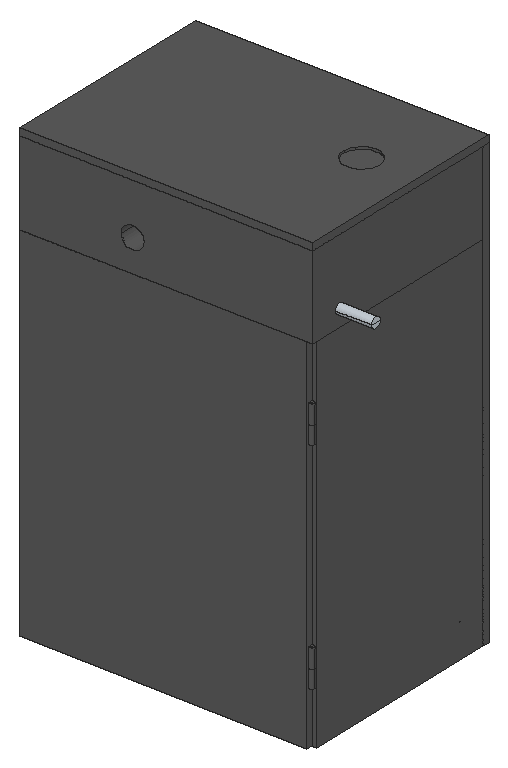
Revit family "Шкаф-корпус для ТГШн_КомплектацияLight_FedericaBugatti_R20", category Оборудование, Revit 2020
Family settings
  Размер круглого соединителя = Использовать диаметр
  Классификация = Нет
  Тип детали = Нормальный
  На основе рабочей плоскости = Нет
  Всегда вертикально = Да
  При загрузке вырезать с полостями = Нет
  Общий = Нет
  Точка расчета площади = Да
Parameters (values of type "BLOCK_24")
  Отметка по умолчанию = 0 mm
  Материал_Патрубки = ADSK_Металл_Сталь оцинкованная
  Материал_ВнешняяСтенка = ADSK_Металл_Окрашенный_Черный темный
  Дымоход_Диаметр_60 [instance] = yes
  Дымоход_Диаметр [instance] = ADSK_Размер_Диаметр + 3 mm  # 63 mm
  ADSK_Расход жидкости = 0.18 L/s
  ADSK_Размер_Ширина = 806 mm  # constant formula
  ADSK_Размер_Диаметр [instance] = if(Дымоход_Диаметр_60, 60 mm, 100 mm)  # 60 mm
  ADSK_Размер_Глубина = 606 mm  # constant formula
  ADSK_Размер_Высота = 1252 mm  # constant formula
  ADSK_Примечание [instance] = ""
  ADSK_Полная мощность = ADSK_Номинальная мощность / ADSK_Коэффициент мощности  # 24300 VA
  ADSK_Позиция [instance] = ""
  ADSK_Обозначение = ""
  ADSK_Номинальная мощность = 24300 W
  ADSK_Напряжение = 230 V  # constant formula
  ADSK_Наименование = "Котел наружного размещения Federica Bugatti BLOCK 24 комплектация Light"
  ADSK_Масса_Текст = "129"  # constant formula
  ADSK_Масса = 129  # constant formula
  ADSK_Марка = "BLOCK 24 комплектация Light"
  ADSK_Коэффициент мощности = 1  # constant formula
  ADSK_Количество фаз = 1
  ADSK_Количество = 1  # constant formula
  ADSK_Код изделия = ""
  ADSK_Классификация нагрузок = Прочее
  ADSK_КПД = 92  # constant formula
  ADSK_Завод-изготовитель = "Federica Bugatti"  # constant formula
  ADSK_Единица измерения = "шт"  # constant formula
Types (3, lengths in mm): name | ADSK_Расход жидкости | ADSK_Полная мощность | ADSK_Номинальная мощность | ADSK_Наименование | ADSK_Марка
  (no name) | 0.18 L/s | 24300 VA | 24300 W | "Котел наружного размещения Federica Bugatti BLOCK 24 комплектация Light" | "BLOCK 24 комплектация Light"
  BLOCK_24 | 0.18 L/s | 24300 VA | 24300 W | "Котел наружного размещения Federica Bugatti BLOCK 24 комплектация Light" | "BLOCK 24 комплектация Light"
  BLOCK_32 | 0.24 L/s | 33300 VA | 33300 W | "Котел наружного размещения Federica Bugatti BLOCK 32 комплектация Light" | "BLOCK 32 комплектация Light"
Reference planes
  plane 1 "По центру (Вперед/Назад)": y = 0
  plane 2: z = 0
  plane 3 "По центру (Влево/Вправо)": x = 0
  plane 4: y = 303
  plane 5: x = -403
  plane 6: y = -303
  plane 7: x = 403
  plane 8: z = 1252
  plane 9: y = -288
  plane 10: z = 1002
  plane 11: z = 1232
  plane 12: y = 283
  plane 13: x = 388
  plane 14: x = 395.5
  plane 15: y = -295.5
  plane 16: z = 150
  plane 17: z = 250
  plane 18: z = 852
  plane 19: z = 752
  plane 20: z = 200
  plane 21: z = 802
  plane 22: z = 1091
  plane 23: x = -92
  plane 24: z = 1052
  plane 25: y = -213
  plane 26: x = 505
  plane 27: x = -398
  plane 28: x = 253
  plane 29: y = 53
  plane 30: z = 1247
  plane 31: z = 127
  plane 32: z = 67
  plane 33: x = -271
  plane 34: x = 139
  plane 35: z = 97
  plane 36: x = -189
  plane 37: x = -107
  plane 38: x = 57
  plane 39: x = -25
  plane 40: y = 203
Forms (mm)
  Extrusion 1, solid, material "ADSK_Металл_Окрашенный_Черный темный" <- "Материал_ВнешняяСтенка"
    sketch origin (0, 0, 0) x (1, 0, 0) y (0, 1, 0)
      loop
        line (-403, 283) -> (-403, -288) -> (403, -288) -> (403, 283) -> (-403, 283)
    from 0 to 1002
  Extrusion 2, solid, material "ADSK_Металл_Окрашенный_Черный темный" <- "Материал_ВнешняяСтенка"
    sketch origin (0, 0, 0) x (1, 0, 0) y (0, 1, 0)
      loop
        line (-403, 303) -> (-403, 283) -> (403, 283) -> (403, 303) -> (-403, 303)
    from 0 to 1232
  Extrusion 3, solid, material "ADSK_Металл_Окрашенный_Черный темный" <- "Материал_ВнешняяСтенка"
    sketch origin (0, 0, 0) x (1, 0, 0) y (0, 1, 0)
      loop
        line (-403, 283) -> (-403, -303) -> (403, -303) -> (403, 283) -> (-403, 283)
    from 1002 to 1232
  Extrusion 4, solid, material "ADSK_Металл_Окрашенный_Черный темный" <- "Материал_ВнешняяСтенка"
    sketch origin (0, 0, 0) x (1, 0, 0) y (0, 1, 0)
      loop
        line (-403, 303) -> (-403, -303) -> (403, -303) -> (403, 303) -> (-403, 303)
    from 1232 to 1252
  Extrusion 5, solid, material "ADSK_Металл_Окрашенный_Черный темный" <- "Материал_ВнешняяСтенка"
    sketch origin (0, 0, 0) x (1, 0, 0) y (0, 1, 0)
      loop
        line (-403, -288) -> (-403, -303) -> (388, -303) -> (388, -288) -> (-403, -288)
    from 0 to 1002
  Revolve 6, solid, material "ADSK_Металл_Окрашенный_Черный темный" <- "Материал_ВнешняяСтенка"
    sketch origin (-2000, -295.5, 1200) x (-1, 0, 0) y (0, 0, 1)
      loop
        line (-2395.5, -950) -> (-2403, -950) -> (-2403, -1000) -> (-2395.5, -1000) -> (-2395.5, -950)
      loop
        line (-2395.5, -348) -> (-2403, -348) -> (-2403, -398) -> (-2395.5, -398) -> (-2395.5, -348)
      axis (-2395.5, -348) -> (-2395.5, -1000)
    angle from 0 to 360
  Revolve 7, solid, material "ADSK_Металл_Окрашенный_Черный темный" <- "Материал_ВнешняяСтенка"
    sketch origin (-2000, -295.5, 1200) x (-1, 0, 0) y (0, 0, 1)
      loop
        line (-2395.5, -398) -> (-2403, -398) -> (-2403, -448) -> (-2395.5, -448) -> (-2395.5, -398)
      loop
        line (-2395.5, -1000) -> (-2403, -1000) -> (-2403, -1050) -> (-2395.5, -1050) -> (-2395.5, -1000)
      axis (-2395.5, -398) -> (-2395.5, -1050)
    angle from 0 to 360
  Extrusion 8, void
    sketch origin (0, 0, 0) x (1, 0, 0) y (0, 0, 1)
      loop
        circle (-92, 1091) r 31.5
    from 213 to 303
  Revolve 9, solid, material "ADSK_Металл_Сталь оцинкованная" <- "Материал_Патрубки"
    sketch origin (-1561.939, -1524, 1052) x (-1, 0, 0) y (0, -1, 0)
      loop
        line (-2066.939, -1311) -> (-2066.939, -1324.4) -> (-1964.939, -1324.4) -> (-1964.939, -1311) -> (-2066.939, -1311)
      axis (-1964.939, -1311) -> (-2066.939, -1311)
    angle from 0 to 360
  Extrusion 10, void
    sketch origin (0, 0, 0) x (0, 1, 0) y (0, 0, 1)
      loop
        circle (0, 1091) r 50
    from -403 to -398
  Extrusion 11, void
    sketch origin (0, 0, 0) x (1, 0, 0) y (0, 1, 0)
      loop
        circle (253, 53) r 50
    from 1247 to 1252
  Extrusion 12, void
    sketch origin (0, 0, 0) x (1, 0, 0) y (0, 0, 1)
      loop
        line (-271, 127) -> (-271, 67) -> (139, 67) -> (139, 127) -> (-271, 127)
    from -303 to 288
  Extrusion 13, solid, material "ADSK_Металл_Сталь оцинкованная" <- "Материал_Патрубки"
    sketch origin (0, 0, 0) x (1, 0, 0) y (0, 0, 1)
      loop
        circle (-189, 97) r 21.15
      loop
        circle (-107, 97) r 21.15
      loop
        circle (-25, 97) r 21.15
      loop
        circle (57, 97) r 21.15
    from -303 to -283
  Extrusion 14, solid, material "ADSK_Металл_Окрашенный_Черный темный" <- "Материал_ВнешняяСтенка"
    sketch origin (0, 0, 0) x (0, 1, 0) y (0, 0, 1)
      loop
        circle (203, 97) r 1.5
    from 395.5 to 403
Cuts and joins
  Extrusion 12 cuts Extrusion 2
  Extrusion 10 cuts Extrusion 1
  Extrusion 11 cuts Extrusion 4
  Extrusion 8, Extrusion 10 cuts Extrusion 3
Dimensions and locks
  equal spacing: plane 5, plane 3 "По центру (Влево/Вправо)", plane 7
  "ADSK_Размер_Ширина": plane 5 to plane 7
  equal spacing: plane 4, plane 1 "По центру (Вперед/Назад)", plane 6
  "ADSK_Размер_Глубина": plane 6 to plane 4
  "ADSK_Размер_Высота": plane 8 to plane 2
  locked: plane 6 to plane 9 at 15
  locked: plane 8 to plane 10 at 250
  locked: plane 8 to plane 11 at 20
  locked: plane 4 to plane 12 at 20
  locked: plane 13 to plane 7 at 15
  equal spacing: plane 13, plane 14, plane 7
  equal spacing: plane 6, plane 15, plane 9
  locked: plane 16 to plane 2 at 150
  locked: plane 17 to plane 16 at 100
  locked: plane 18 to plane 19 at 100
  locked: plane 10 to plane 18 at 150
  equal spacing: plane 18, plane 21, plane 19
  equal spacing: plane 17, plane 20, plane 16
  locked: plane 22 to plane 2 at 1091
  locked: plane 23 to plane 5 at 311
  locked: plane 8 to plane 24 at 200
  locked: plane 6 to plane 25 at 90
  locked: plane 5 to plane 26 at 908
  locked: Revolve 9 sketch curve to plane 25 at 13.4
  locked: plane 5 to plane 27 at 5
  plane 28 to plane 7 = 150 mm
  locked: plane 4 to plane 29 at 250
  locked: plane 8 to plane 30 at 5
  locked: plane 32 to plane 2 at 67
  locked: plane 31 to plane 32 at 60
  locked: plane 33 to plane 5 at 132
  locked: plane 34 to plane 33 at 410
  equal spacing: plane 31, plane 35, plane 32
  equal spacing: plane 34, plane 38, plane 39, plane 37, plane 36, plane 33
  plane 40 to plane 4 = 100 mm
  "Дымоход_Диаметр": diameter of Extrusion 8 sketch curve
  diameter of Extrusion 10 sketch curve = 100 mm
  diameter of Extrusion 11 sketch curve = 100 mm
  diameter of Extrusion 13 sketch curve = 42.3 mm  (x4)
  diameter of Extrusion 14 sketch curve = 3 mm
  aligned and locked: level to plane 2
  aligned and locked: plane 5 to Extrusion 1 sketch curve
  aligned and locked: Extrusion 1 sketch curve to plane 9
  aligned and locked: plane 7 to Extrusion 1 sketch curve
  aligned and locked: Extrusion 1 to plane 5
  aligned and locked: plane 9 to Extrusion 1
  aligned and locked: Extrusion 1 to plane 7
  aligned and locked: Extrusion 1 to plane 12
  aligned and locked: Extrusion 1 to plane 2
  aligned and locked: Extrusion 1 to plane 10
  aligned and locked: Extrusion 2 sketch curve to plane 4
  aligned and locked: plane 5 to Extrusion 2 sketch curve
  aligned and locked: plane 7 to Extrusion 2 sketch curve
  aligned and locked: Extrusion 2 sketch curve to plane 12
  aligned and locked: Extrusion 2 to plane 2
  aligned and locked: Extrusion 2 to plane 11
  aligned and locked: plane 7 to Extrusion 3 sketch curve
  aligned and locked: plane 12 to Extrusion 3 sketch curve
  aligned and locked: plane 5 to Extrusion 3 sketch curve
  aligned and locked: Extrusion 3 sketch curve to plane 6
  aligned and locked: Extrusion 3 to plane 11
  aligned and locked: plane 10 to Extrusion 3
  aligned and locked: Extrusion 4 sketch curve to Extrusion 2  (x2)
  aligned and locked: Extrusion 4 sketch curve to Extrusion 3  (x2)
  aligned and locked: plane 8 to Extrusion 4
  aligned and locked: plane 11 to Extrusion 4
  aligned and locked: Extrusion 5 sketch curve to Extrusion 1  (x2)
  aligned and locked: Extrusion 5 sketch curve to plane 6
  aligned and locked: Extrusion 5 sketch curve to plane 13
  aligned and locked: Extrusion 5 to plane 2
  aligned and locked: Extrusion 5 to plane 10
  aligned and locked: plane 17 to Revolve 6 sketch curve
  aligned and locked: Revolve 6 sketch curve to plane 14  (x2)
  aligned and locked: plane 20 to Revolve 6 sketch curve
  aligned and locked: plane 7 to Revolve 6 sketch curve  (x2)
  aligned and locked: plane 14 to Revolve 6 sketch curve
  aligned and locked: Revolve 6 sketch curve to plane 18
  aligned and locked: Revolve 6 sketch curve to plane 21
  aligned and locked: Revolve 6 to Revolve 7 sketch curve  (x2)
  aligned and locked: Revolve 7 sketch curve to plane 14  (x2)
  aligned and locked: Revolve 7 sketch curve to plane 19
  aligned and locked: plane 7 to Revolve 7 sketch curve  (x2)
  aligned and locked: plane 16 to Revolve 7 sketch curve
  aligned and locked: plane 14 to Revolve 7 sketch curve
  aligned and locked: plane 22 to Extrusion 8 sketch curve
  aligned and locked: plane 23 to Extrusion 8 sketch curve
  aligned and locked: plane 6 to Extrusion 8
  aligned and locked: plane 25 to Revolve 9 sketch curve
  aligned and locked: Revolve 9 sketch curve to plane 7
  aligned and locked: Revolve 9 sketch curve to plane 25
  aligned and locked: plane 22 to Extrusion 10 sketch curve
  aligned and locked: plane 1 "По центру (Вперед/Назад)" to Extrusion 10 sketch curve
  aligned and locked: Extrusion 10 to plane 5
  aligned and locked: Extrusion 10 to plane 27
  aligned and locked: plane 29 to Extrusion 11 sketch curve
  aligned and locked: plane 28 to Extrusion 11 sketch curve
  aligned and locked: plane 8 to Extrusion 11
  aligned and locked: plane 30 to Extrusion 11
  aligned and locked: Extrusion 12 sketch curve to plane 32
  aligned and locked: Extrusion 12 sketch curve to plane 31
  aligned and locked: plane 33 to Extrusion 12 sketch curve
  aligned and locked: Extrusion 12 sketch curve to plane 34
  aligned and locked: plane 4 to Extrusion 12
  aligned and locked: plane 9 to Extrusion 12
  aligned and locked: plane 25 to cut or joined group of Extrusion 3, Extrusion 8, Extrusion 10
  aligned and locked: plane 35 to Extrusion 13 sketch curve  (x4)
  aligned and locked: plane 36 to Extrusion 13 sketch curve
  aligned and locked: plane 38 to Extrusion 13 sketch curve
  aligned and locked: plane 39 to Extrusion 13 sketch curve
  aligned and locked: plane 37 to Extrusion 13 sketch curve
  aligned and locked: plane 4 to Extrusion 13
  aligned and locked: plane 12 to Extrusion 13
  aligned and locked: plane 40 to Extrusion 14 sketch curve
  aligned and locked: Extrusion 14 to plane 7
  aligned and locked: plane 14 to Extrusion 14
  aligned and locked: plane 35 to Extrusion 14 sketch curve
Automatic sketch dimensions
  plane 12 to Extrusion 1 sketch curve = 0 mm
  plane 16 to Revolve 6 sketch curve = 20 mm
  Revolve 6 sketch curve to Revolve 6 sketch curve = 15 mm
  Revolve 7 sketch curve to Revolve 7 sketch curve = 52.732 mm
  plane 20 to Revolve 7 sketch curve = 10 mm
  Revolve 9 sketch curve to plane 26 = 0 mm
  Revolve 9 sketch curve to Revolve 9 sketch curve = 38 mm
  Revolve 9 sketch curve to plane 13 = 55 mm
Connectors
  piping at (505, -213, 1052), diameter 20
    settings: on Revolve 9, index 1, connector inside diameter 609.6 mm, connector length 0 mm, flow factor 0, pipe flow 0.0 L/s, pressure drop 0.0 Pa, fitting loss kfactor 0, connector angle 0.00°, fixture units 0, engagement length 0 mm, angle of deflection 0.00°, flow configuration 0, flow direction 1, fitting loss method 0, system type 29, joint type 0, gender type 0, connector reference index -1, connector utility 0, adjustable connector no, is connector primary yes, connector description "Ввод газа"
  piping at (-92, -303, 1091), diameter 60, driven by "ADSK_Размер_Диаметр"
    settings: on Extrusion 8, index 2, connector inside diameter 609.6 mm, connector length 0 mm, flow factor 0, pipe flow 0.0 L/s, pressure drop 0.0 Pa, fitting loss kfactor 0, connector angle 0.00°, fixture units 0, engagement length 0 mm, angle of deflection 0.00°, flow configuration 0, flow direction 2, fitting loss method 0, system type 22, joint type 0, gender type 0, connector reference index -1, connector utility 0, adjustable connector no, is connector primary no, connector description "Дымоход"
  electrical at (403, 203, 97), driven by "ADSK_Количество фаз", driven by "ADSK_Классификация нагрузок", driven by "ADSK_Напряжение", driven by "ADSK_Полная мощность", driven by "ADSK_Коэффициент мощности"
    settings: on Extrusion 14, index 7, voltage 230 V, apparent load 24300 VA, apparent load phase1 0 VA, apparent load phase2 0 VA, apparent load phase3 0 VA, power factor 1, load classification "Прочее", number of poles 1, system type 30, power factor state 1, is connector primary yes, connector utility no, sub classification motor no, connector description ""
